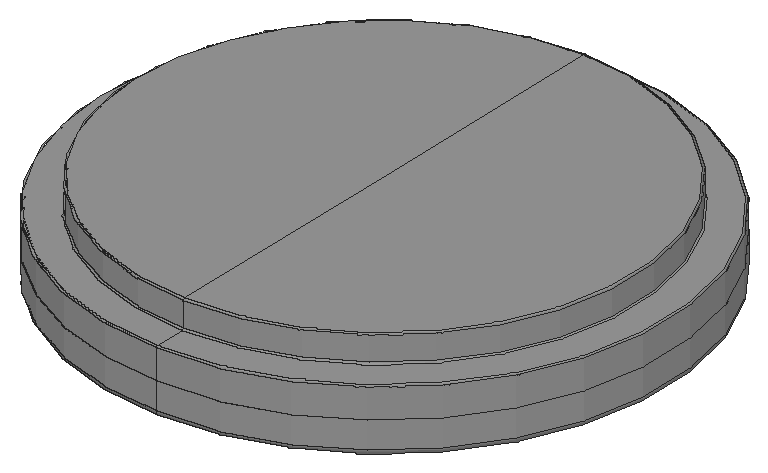
Revit family "FMS1_63_UN_Surface-mounted_ETK", category Lighting Fixtures, Revit 2019
Family settings
  Round Connector Dimension = Use Diameter
  Part Type = Normal
  OmniClass Number = 23.80.70.11.14.11
  OmniClass Title = Downlights
  Work Plane-Based = No
  Always vertical = Yes
  Cut with Voids When Loaded = No
  Light Source = No
  Shared = No
  Room Calculation Point = Yes
Parameters (values of type "FMS.1110.10 - Ø270 / 18W / 1120lm / 4000K")
  Wattage Comments = "18W"
  Wall mounted [instance] = no
  Voltage = 230 V
  URL = "https://www.etk.nl"
  Type Comments = "IP20"
  Symbol_Waterproof [instance] = no
  Symbol_Emergency Lighting [instance] = no
  Switch Code [instance] = ""
  Radius = Diameter / 2  # 135 mm
  Model = "FMK.1"
  Manufacturer = "ETK licht B.V."
  Luminaire_Body_Material = PPS Plastic
  Luminaire Code [instance] = ""
  Light Source = FMS.1 - Lightsource : FMS.1110.10 - Ø270 / 18W / 1120lm / 4000K
  Lamp = "LED"
  IfcExportType = "USERDEFINED"
  IfcExportAs = "IfcLightFixtureType"
  Distance Symbol [instance] = if(Wall mounted, 170.5 mm, 0 mm)  # 0 mm
  Distance Luminaire Wall [instance] = if([43mm Height], -48 mm, -68 mm)  # -48 mm
  Distance Luminaire [instance] = if([43mm Height], -43 mm, -63 mm)  # -43 mm
  Diameter = 270 mm
  Description = "Surface Mounted"
  Copyright © IVLighting = "www.ivlighting.nl"
  Ceiling mounted [instance] = not(Wall mounted)  # yes
  Bundle = "110°"
  Assembly Code = "63.0"
  Apparent Load = 18 VA
  63mm Height = not([43mm Height])  # no
  43mm Height = yes
Reference planes
  plane 1 "Center (Front/Back)": y = 0
  plane 2: z = 0
  plane 3 "Center (Left/Right)": x = 0
Dimensions and locks
  "Distance Symbol": plane 3 "Center (Left/Right)" to nested 1
  aligned and locked: level to plane 2
Nested families
  nested 1: "WIL.3 Light_Symbol_IVL" at (0, 0, 0), type "Lighting Fixture Round - Emergency Lighting"
  nested 2: "FMS1 Geometry" at (42.989, 0, -0.011) x (0, 0, 1) z (-1, 0, 0), visible <- "Wall mounted", built-in parameter 1001364 <- "Distance Luminaire Wall", type "FMS1 Geometry"
  nested 3: "FMS1 Geometry" at (0, 0, -43) x (0, -1, 0) z (0, 0, 1), visible <- "Ceiling mounted", built-in parameter 1001364 <- "Distance Luminaire", type "FMS1 Geometry"
  nested 4: "FMS.1 - Lightsource" at (43, -3.799, 2.924) x (0, 0, -1) z (-1, 0, 0), visible <- "Wall mounted", built-in parameter 1001364 <- "Distance Luminaire", type "FMS.1413.10 - Ø400 / 38W / 2800lm / 4000K"
  nested 5: "FMS.1 - Lightsource" at (0, -0.95, -43), visible <- "Ceiling mounted", built-in parameter 1001364 <- "Distance Luminaire", type "FMS.1413.10 - Ø400 / 38W / 2800lm / 4000K"
Connectors
  electrical at (0, 0, 0), driven by "Apparent Load"
    settings: index 1, voltage 0 V, apparent load 0 VA, apparent load phase1 18 VA, apparent load phase2 0 VA, apparent load phase3 0 VA, power factor 1, load classification "Other", number of poles 1, system type 31, power factor state 1, is connector primary yes, connector utility no, sub classification motor no, connector description ""
Definition of nested family "FMS1 Geometry"
  Parameters (values of type "FMS1 Geometry")
    URL = "https://www.etk.nl/"
    Type Comments = "IP20"
    Symbol_Waterproof [instance] = no
    Symbol_Emergency Lighting [instance] = no
    Radius = Diameter / 2  # 135 mm
    Model = "FMS.1"
    Manufacturer = "ETK licht B.V."
    Luminaire_Body_Material = none
    Diameter = 270 mm
    Description = "Surface Mounted"
    Default Elevation = 1219.2 mm
    Copyright © IVLighting = "www.ivlighting.nl"
    Calc_Radius = Radius - 7.7 mm  # 127.3 mm
    Assembly Code = "63.0"
    63mm Height = not([43mm Height])  # no
    43mm Height = yes
  Reference planes
    plane 1 "Center (Front/Back)": y = 0
    plane 2: z = 0
    plane 3 "Center (Left/Right)": x = 0
  Forms (mm)
    Revolve 1, solid, visible <- "43mm Height"
      sketch origin (0, 0, 0) x (1, 0, 0) y (0, 0, 1)
        loop
          arc (-135, 2.5) -> (-134.268, 0.732) -> (-132.5, 0) r 2.5
          line (-132.5, 0) -> (0, 0) -> (0, 15.252) -> (-135, 15.252) -> (-135, 2.5)
        axis (0, 15.252) -> (0, 0)
      angle from 0 to 360
    Revolve 2, solid, material <- "Luminaire_Body_Material", visible <- "43mm Height"
      sketch origin (0, 0, 15.252) x (1, 0, 0) y (0, 0, 1)
        loop
          line (-135, 0) -> (0, 0) -> (0, 27.748) -> (-118, 27.748)
          arc (-118, 27.748) -> (-118.53, 27.528) -> (-118.75, 26.998) r 0.75
          line (-118.75, 26.998) -> (-118.75, 15.5)
          arc (-118.75, 15.5) -> (-118.97, 14.97) -> (-119.5, 14.75) r 0.75
          line (-119.5, 14.75) -> (-134.25, 14.75)
          arc (-134.25, 14.75) -> (-134.78, 14.531) -> (-135, 14) r 0.75
          line (-135, 14) -> (-135, 0)
        axis (0, 27.748) -> (0, 0)
      angle from 0 to 360
    Revolve 3, solid, visible <- "63mm Height"
      sketch origin (0, 0, 5.746) x (1, 0, 0) y (0, 0, 1)
        loop
          arc (-135, -3.248) -> (-134.268, -5.015) -> (-132.5, -5.748) r 2.5
          line (-132.5, -5.748) -> (0, -5.748) -> (0, 15.252) -> (-135, 15.252) -> (-135, -3.248)
        axis (0, 15.252) -> (0, -5.748)
      angle from 0 to 360
    Revolve 4, solid, material <- "Luminaire_Body_Material", visible <- "63mm Height"
      sketch origin (0, 0, 20.999) x (1, 0, 0) y (0, 0, 1)
        loop
          line (-135, 0) -> (0, 0) -> (0, 42.001) -> (-118, 42.001)
          arc (-118, 42.001) -> (-118.53, 41.781) -> (-118.75, 41.251) r 0.75
          line (-118.75, 41.251) -> (-118.75, 21.8)
          arc (-118.75, 21.8) -> (-118.984, 21.235) -> (-119.55, 21) r 0.8
          line (-119.55, 21) -> (-134.2, 21)
          arc (-134.2, 21) -> (-134.766, 20.766) -> (-135, 20.2) r 0.8
          line (-135, 20.2) -> (-135, 0)
        axis (0, 42.001) -> (0, 0)
      angle from 0 to 360
  Dimensions and locks
    "Radius": plane 3 "Center (Left/Right)" to Revolve 1 sketch curve
    locked: Revolve 2 sketch curve to Revolve 2 sketch curve at 16.25
    "Radius": Revolve 2 sketch curve to Revolve 2 sketch curve
    locked: Revolve 4 sketch curve to Revolve 4 sketch curve at 16.25
    "Radius": Revolve 4 sketch curve to Revolve 4 sketch curve
    aligned and locked: level to plane 2
  Automatic sketch dimensions
    Revolve 3 sketch curve to plane 3 "Center (Left/Right)" = 0 mm  (x2)
    Revolve 3 sketch curve to plane 3 "Center (Left/Right)" = 132.5 mm
    Revolve 3 sketch curve to Revolve 3 sketch curve = 2.5 mm
    Revolve 3 sketch curve to Revolve 3 sketch curve = 21 mm
    Revolve 3 sketch curve to level = 360.298 mm
    Revolve 3 sketch curve to Revolve 3 sketch curve = 2199.063 mm
    Revolve 3 sketch curve to level = 0.001 mm
    Revolve 1 sketch curve to level = 0 mm
    Revolve 1 sketch curve to plane 3 "Center (Left/Right)" = 0 mm  (x2)
    level to Revolve 1 sketch curve = 2.5 mm
    level to Revolve 1 sketch curve = 15.252 mm
    Revolve 1 sketch curve to level = 366.045 mm
    Revolve 1 sketch curve to Revolve 1 sketch curve = 2199.063 mm
    Revolve 2 sketch curve to plane 3 "Center (Left/Right)" = 0 mm  (x2)
    Revolve 2 sketch curve to Revolve 2 sketch curve = 0.75 mm  (x3)
    level to Revolve 2 sketch curve = 15.252 mm
    Revolve 2 sketch curve to Revolve 2 sketch curve = 14 mm
    Revolve 2 sketch curve to Revolve 2 sketch curve = 11.497 mm
    Revolve 2 sketch curve to level = 350.792 mm
    Revolve 2 sketch curve to Revolve 2 sketch curve = 2186.567 mm
    Revolve 4 sketch curve to plane 3 "Center (Left/Right)" = 0 mm  (x2)
    Revolve 4 sketch curve to Revolve 4 sketch curve = 0.8 mm  (x2)
    Revolve 4 sketch curve to Revolve 4 sketch curve = 0.75 mm
    level to Revolve 4 sketch curve = 20.999 mm
    Revolve 4 sketch curve to Revolve 4 sketch curve = 20.2 mm
    Revolve 4 sketch curve to Revolve 4 sketch curve = 19.45 mm
    Revolve 4 sketch curve to level = 345.046 mm
    Revolve 4 sketch curve to Revolve 4 sketch curve = 2174.067 mm
Definition of nested family "WIL.3 Light_Symbol_IVL"
  Parameters (values of type "Lighting Fixture - Round")
    Waterproof = no
    Wall mounted = no
    Lighting Fixture = yes
    Emergency Lighting = no
  Types (3, lengths in mm): name | Waterproof | Emergency Lighting
    Lighting Fixture - Round | no | no
    Lighting Fixture Round - Emergency Lighting | no | yes
    Lighting Fixture Round - Waterproof | yes | no
  Reference planes
    plane 1: y = 0
    plane 2: x = 0
  Lines and regions (mm)
    Filled region 1, type "Emergency Lighting", visible <- "Waterproof"
      outline origin (5.15, 1.04, 0) x (1, 0, 0) y (0, 1, 0)
        loop
          arc (-6.051, -1.34) -> (-5.15, -1.99) -> (-4.249, -1.34) r 0.95
          line (-4.249, -1.34) -> (-6.051, -1.34)
    Filled region 2, type "Emergency Lighting", visible <- "Emergency Lighting"
      outline origin (-5.15, 1.04, 0) x (0, 1, 0) y (-1, 0, 0)
        loop
          line (-1.04, -5.15) -> (-1.712, -5.822)
          arc (-1.712, -5.822) -> (-1.04, -6.1) -> (-0.369, -5.822) r 0.95
          line (-0.369, -5.822) -> (-1.04, -5.15)
    Filled region 3, type "Emergency Lighting", visible <- "Emergency Lighting"
      outline origin (5.15, 1.04, 0) x (1, 0, 0) y (0, 1, 0)
        loop
          line (-5.15, -1.04) -> (-5.822, -0.369)
          arc (-5.822, -0.369) -> (-6.1, -1.04) -> (-5.822, -1.712) r 0.95
          line (-5.822, -1.712) -> (-5.15, -1.04)
    detail lines, visible <- "Lighting Fixture"
      curve 1: circle (0, 0, 0) r 0.95 normal (0, 0, 1)
    detail lines, visible <- "Waterproof"
      curve 2: circle (0, 0, 0) r 0.95 normal (0, 0, 1)
    detail lines, visible <- "Emergency Lighting"
      curve 3: circle (0, 0, 0) r 0.95 normal (0, 0, 1)
    detail lines, visible <- "Wall mounted"
      curve 4: line (-0.95, 0, 0) -> (-1.705, 0, 0)
      curve 5: line (-1.705, 0.391, 0) -> (-1.705, -0.391, 0)
Definition of nested family "FMS.1 - Lightsource"
  Parameters (values of type "FMS.1110.10 - Ø270 / 18W / 1120lm / 4000K")
    Wattage Comments = "18W"
    Wattage = 7.53996 W
    built-in parameter 1150110 = 1 (stored number, unit not read)
    URL = "https://www.etk.nl"
    built-in parameter 1114217 = 1 (stored number, unit not read)
    Tilt Angle = 90.00°
    built-in parameter 1150109 = 1 (stored number, unit not read)
    built-in parameter 1150134 = 12
    built-in parameter 1150113 = 1 (stored number, unit not read)
    Photometric Web File = "FMK.1109.10.ies"
    built-in parameter 1150142 = "IESNA:LM-63-2002\r\n[TEST] /2015\r\n[TESTLAB] ies2eulumdat.appspot.com\r\n[ISSUEDATE] 2021-06-16T09:00:21.829\r\n[MANUFAC] www.etk.nl\r\n[LUMCAT] FMK.1109.10\r\n[LUMINAIRE] FMK.1 LED 12W 3000/4000/5700K ø250 niet dimbaar\r\n[LAMPCAT] LED\r\n[LAMP] LED\r\nTILT=NONE\r\n1\t1150\t1\t46\t180\t1\t2\t-0.250\t-0.250\t0\r\n1.0\t1.0\t11.80\r\n0\t 2\t 4\t 6\t 8\t 10\t 12\t 14\t 16\t 18\r\n20\t 22\t 24\t 26\t 28\t 30\t 32\t 34\t 36\t 38\r\n40\t 42\t 44\t 46\t 48\t 50\t 52\t 54\t 56\t 58\r\n60\t 62\t 64\t 66\t 68\t 70\t 72\t 74\t 76\t 78\r\n80\t 82\t 84\t 86\t 88\t 90\r\n0\t 2\t 4\t 6\t 8\t 10\t 12\t 14\t 16\t 18\r\n20\t 22\t 24\t 26\t 28\t 30\t 32\t 34\t 36\t 38\r\n40\t 42\t 44\t 46\t 48\t 50\t 52\t 54\t 56\t 58\r\n60\t 62\t 64\t 66\t 68\t 70\t 72\t 74\t 76\t 78\r\n80\t 82\t 84\t 86\t 88\t 90\t 92\t 94\t 96\t 98\r\n100\t 102\t 104\t 106\t 108\t 110\t 112\t 114\t 116\t 118\r\n120\t 122\t 124\t 126\t 128\t 130\t 132\t 134\t 136\t 138\r\n140\t 142\t 144\t 146\t 148\t 150\t 152\t 154\t 156\t 158\r\n160\t 162\t 164\t 166\t 168\t 170\t 172\t 174\t 176\t 178\r\n180\t 182\t 184\t 186\t 188\t 190\t 192\t 194\t 196\t 198\r\n200\t 202\t 204\t 206\t 208\t 210\t 212\t 214\t 216\t 218\r\n220\t 222\t 224\t 226\t 228\t 230\t 232\t 234\t 236\t 238\r\n240\t 242\t 244\t 246\t 248\t 250\t 252\t 254\t 256\t 258\r\n260\t 262\t 264\t 266\t 268\t 270\t 272\t 274\t 276\t 278\r\n280\t 282\t 284\t 286\t 288\t 290\t 292\t 294\t 296\t 298\r\n300\t 302\t 304\t 306\t 308\t 310\t 312\t 314\t 316\t 318\r\n320\t 322\t 324\t 326\t 328\t 330\t 332\t 334\t 336\t 338\r\n340\t 342\t 344\t 346\t 348\t 350\t 352\t 354\t 356\t 358\r\n\r\n405.3384\t404.7765\t404.2265\t402.9975\t401.1013\t399.2051\t395.3191\t391.4331\t387.5471\t383.661\r\n379.7751\t373.4779\t367.169\t360.8717\t354.5746\t348.2657\t339.7094\t331.1415\t322.5852\t314.029\r\n305.461\t294.8096\t284.1582\t273.5069\t262.8555\t252.2041\t239.7267\t227.261\t214.7837\t202.3181\r\n189.8525\t177.3751\t164.9094\t152.432\t139.9664\t127.4891\t0\t0\t0\t0\r\n0\t0\t0\t0\t0\t0\r\n405.3384\t404.7925\t404.2577\t403.0448\t401.1686\t399.2994\t395.4335\t391.5606\t387.7102\t383.8203\r\n379.9334\t373.6444\t367.3443\t361.0453\t354.7325\t348.4388\t339.8983\t331.3616\t322.8117\t314.2627\r\n305.722\t295.0872\t284.4404\t273.8022\t263.1576\t252.5163\t240.0548\t227.5873\t215.131\t202.664\r\n190.1945\t177.7378\t165.2697\t152.8012\t140.3312\t128.1946\t0.3296\t0\t0\t0\r\n0\t0\t0\t0\t0\t0\r\n405.3384\t404.8094\t404.2892\t403.0935\t401.2796\t399.4809\t395.6213\t391.7396\t387.8385\t383.9437\r\n380.072\t373.802\t367.5085\t361.2065\t354.9129\t348.6531\t340.137\t331.5961\t323.0451\t314.5012\r\n305.9895\t295.3818\t284.734\t274.0862\t263.4264\t252.8071\t240.376\t227.9231\t215.4572\t202.995\r\n190.53\t178.0631\t165.6056\t153.1389\t140.6717\t129.4859\t1.3419\t0\t0\t0\r\n0\t0\t0\t0\t0\t0\r\n405.3384\t404.8271\t404.3209\t403.1488\t401.3532\t399.5783\t395.7291\t391.8382\t387.9181\t384.0265\r\n380.1901\t373.9544\t367.6616\t361.3486\t355.0482\t348.8012\t340.3437\t331.8018\t323.2501\t314.6929\r\n306.2129\t295.662\t285.012\t274.3604\t263.7094\t253.1247\t240.74\t228.2758\t215.8122\t203.3491\r\n190.8749\t178.4127\t165.9503\t153.4898\t141.027\t131.3458\t3.1025\t0\t0\t0\r\n0\t0\t0\t0\t0\t0\r\n405.3384\t404.8458\t404.3591\t403.1978\t401.4167\t399.6486\t395.7816\t391.8937\t388.0038\t384.1068\r\n380.2987\t374.1143\t367.817\t361.5156\t355.2003\t348.9967\t340.5979\t332.043\t323.4957\t314.942\r\n306.4955\t295.9896\t285.3021\t274.6328\t263.9659\t253.4202\t241.0823\t228.6129\t216.1591\t203.6915\r\n191.2234\t178.7558\t166.3001\t153.8352\t141.371\t133.6544\t5.718\t0\t0\t0\r\n0\t0\t0\t0\t0\t0\r\n405.3384\t404.8652\t404.3908\t403.2459\t401.4706\t399.6646\t395.8675\t391.9843\t388.0857\t384.1821\r\n380.4316\t374.3456\t368.0256\t361.7021\t355.3697\t349.2\t340.8799\t332.2872\t323.6935\t315.0968\r\n306.6804\t296.3012\t285.6181\t274.9391\t264.248\t253.707\t241.4578\t228.9766\t216.4988\t204.0245\r\n191.5571\t179.0864\t166.6186\t154.1544\t141.6922\t136.24\t9.3369\t0\t0\t0\r\n0\t0\t0\t0\t0\t0\r\n405.3384\t404.8854\t404.4219\t403.2933\t401.5055\t399.7186\t395.9651\t392.0842\t388.1903\t384.3067\r\n380.5784\t374.5562\t368.2162\t361.8639\t355.4958\t349.3364\t341.1183\t332.5123\t323.9013\t315.2964\r\n306.9063\t296.6299\t285.9122\t275.1976\t264.4831\t253.9575\t241.8218\t229.3201\t216.8328\t204.3396\r\n191.8483\t179.3695\t166.8926\t154.4222\t141.9565\t138.8551\t14.1501\t0\t0\t0\r\n0\t0\t0\t0\t0\t0\r\n405.3384\t404.9066\t404.4521\t403.3398\t401.5506\t399.7766\t396.0731\t392.2029\t388.3231\t384.3922\r\n380.6589\t374.7488\t368.3792\t361.9898\t355.5837\t349.4181\t341.3685\t332.7528\t324.1099\t315.4532\r\n307.0598\t296.9581\t286.2249\t275.4731\t264.7159\t254.1799\t242.1928\t229.6762\t217.1659\t204.6692\r\n192.1717\t179.6758\t167.1817\t154.6978\t142.2295\t141.3105\t20.401\t0\t0\t0\r\n0\t0\t0\t0\t0\t0\r\n405.3384\t404.9688\t404.4817\t403.3908\t401.5946\t399.8358\t396.2032\t392.3475\t388.4203\t384.4425\r\n380.7195\t374.9437\t368.5473\t362.1238\t355.6851\t349.5134\t341.9282\t332.9785\t324.3069\t315.6402\r\n306.9436\t297.5694\t286.5262\t275.7395\t264.9593\t254.1623\t242.7912\t230.0358\t217.5005\t204.986\r\n192.4711\t179.9636\t167.4644\t154.9748\t142.4941\t143.2492\t28.3764\t0\t0\t0\r\n0\t0\t0\t0\t0\t0\r\n405.3384\t404.9901\t404.5102\t403.434\t401.6375\t399.8986\t396.3675\t392.4653\t388.4946\t384.4886\r\n380.7515\t375.1532\t368.7296\t362.2829\t355.7949\t349.2691\t342.1908\t333.257\t324.528\t315.7751\r\n307.0363\t297.9246\t286.8722\t276.0236\t265.1733\t254.3419\t243.18\t230.433\t217.8766\t205.3224\r\n192.7845\t180.2462\t167.7206\t155.2142\t142.724\t144.3059\t38.4235\t0\t0\t0\r\n0\t0\t0\t0\t0\t0\r\n405.3384\t405.0108\t404.5376\t403.4745\t401.6757\t399.9613\t396.5103\t392.5677\t388.5717\t384.5293\r\n380.4421\t375.6788\t368.9428\t362.4278\t355.8852\t349.3419\t342.4468\t333.4846\t324.7196\t315.9401\r\n307.1422\t298.1755\t287.1691\t276.2852\t265.4162\t254.5351\t243.54\t230.8321\t218.2158\t205.6051\r\n193.0422\t180.5018\t167.9628\t155.4439\t142.9509\t130.4715\t80.1717\t0\t0\t0\r\n0\t0\t0\t0\t0\t0\r\n405.3384\t405.0308\t404.5638\t403.5122\t401.7197\t400.0344\t396.6479\t392.675\t388.642\t384.5539\r\n380.446\t375.8849\t369.1475\t362.5941\t356.0076\t349.3402\t342.606\t333.7678\t324.9507\t316.0958\r\n307.1888\t298.3823\t287.5427\t276.5987\t265.6547\t254.6769\t243.7733\t231.1892\t218.5583\t205.9536\r\n193.3574\t180.7795\t168.2176\t155.6732\t143.1664\t130.6811\t92.6587\t0\t0\t0\r\n0\t0\t0\t0\t0\t0\r\n405.3384\t405.0504\t404.5956\t403.547\t401.7653\t400.0733\t397.0342\t392.7846\t388.7175\t384.6009\r\n380.4658\t376.0643\t369.3866\t362.7735\t356.0799\t349.3699\t342.7566\t334.0832\t325.1628\t316.2179\r\n307.2752\t298.5357\t287.9146\t276.8913\t265.8705\t254.8646\t244.0337\t231.6235\t218.9315\t206.265\r\n193.6356\t181.0339\t168.4572\t155.9156\t143.3861\t130.8825\t104.473\t0\t0\t0\r\n0\t0\t0\t0\t0\t0\r\n405.3384\t405.0692\t404.6173\t403.5726\t401.812\t400.0922\t397.1653\t392.8976\t388.795\t384.6787\r\n380.4567\t376.1942\t369.6246\t362.9226\t356.2055\t349.4272\t342.8367\t334.3769\t325.3805\t316.3703\r\n307.3625\t298.3377\t288.5546\t277.2123\t266.1258\t255.0391\t244.1559\t232.0335\t219.3073\t206.6258\r\n193.9576\t181.3129\t168.7045\t156.1324\t143.5875\t131.0872\t115.0185\t0\t0\t0\r\n0\t0\t0\t0\t0\t0\r\n405.3384\t405.0876\t404.6362\t403.6022\t401.8688\t399.828\t397.2783\t392.9976\t388.9023\t384.7385\r\n380.4432\t376.2623\t369.8607\t363.1303\t356.3361\t349.4819\t342.5273\t334.9205\t325.6274\t316.563\r\n307.4647\t298.325\t288.8953\t277.552\t266.3836\t255.2249\t244.066\t232.6598\t219.71\t206.9637\r\n194.2635\t181.5828\t168.9417\t156.3369\t143.7678\t131.2452\t123.6219\t0\t0\t0\r\n0\t0\t0\t0\t0\t0\r\n405.3384\t405.1054\t404.6527\t403.6299\t401.9954\t399.8313\t397.3825\t393.1311\t389.0376\t384.7914\r\n380.4256\t376.2601\t370.1442\t363.3441\t356.5\t349.5195\t342.4467\t335.1645\t325.9313\t316.7695\r\n307.548\t298.3169\t289.1161\t277.9297\t266.651\t255.4032\t244.1853\t232.9715\t220.1319\t207.3312\r\n194.5444\t181.8166\t169.148\t156.5181\t143.9438\t131.4005\t129.5504\t10.7169\t0\t0\r\n0\t0\t0\t0\t0\t0\r\n405.3384\t405.1227\t404.6665\t403.6558\t402.0282\t399.8387\t397.4732\t393.2952\t389.1616\t384.8421\r\n380.4176\t375.9014\t370.721\t363.6037\t356.6569\t349.5494\t342.4061\t335.3294\t326.2421\t316.9739\r\n307.6665\t298.3454\t289.1781\t278.2878\t266.963\t255.6467\t244.3238\t233.1536\t220.5163\t207.6577\r\n194.8355\t182.0686\t169.3482\t156.6677\t144.0408\t131.4715\t131.8453\t25.923\t0\t0\r\n0\t0\t0\t0\t0\t0\r\n405.3384\t405.1396\t404.6776\t403.6776\t402.0538\t399.8619\t397.5341\t393.5083\t389.2881\t384.8846\r\n380.4261\t375.832\t370.9139\t363.9038\t356.8028\t349.6355\t342.4017\t335.332\t326.5796\t317.2212\r\n307.8198\t298.3417\t288.8594\t278.9905\t267.339\t255.8866\t244.4302\t233.0061\t221.1259\t208.0094\r\n195.1274\t182.2902\t169.5075\t156.7928\t144.1389\t131.538\t118.9821\t72.5747\t0\t0\r\n0\t0\t0\t0\t0\t0\r\n405.3384\t405.1559\t404.686\t403.7113\t402.0482\t399.882\t397.6063\t393.7003\t389.4083\t384.9648\r\n380.4586\t375.7543\t371.0891\t364.165\t357.0131\t349.7518\t342.4103\t334.9484\t327.1548\t317.4999\r\n307.9709\t298.3923\t288.8332\t279.2321\t267.7019\t256.1485\t244.593\t233.049\t221.4516\t208.379\r\n195.4187\t182.5259\t169.6952\t156.9157\t144.2105\t131.5685\t118.9925\t91.6472\t0\t0\r\n0\t0\t0\t0\t0\t0\r\n405.3384\t405.1718\t404.6918\t403.7304\t402.0748\t399.9057\t397.6713\t393.8957\t389.5114\t385.088\r\n380.4979\t375.7076\t371.0587\t364.4889\t357.2386\t349.9042\t342.4218\t334.8539\t327.2884\t317.8216\r\n308.1836\t298.5219\t288.784\t279.2695\t268.1369\t256.4569\t244.7869\t233.1079\t221.6219\t208.7797\r\n195.7476\t182.7712\t169.842\t157.0084\t144.2669\t131.5897\t118.9856\t106.3522\t0\t0\r\n0\t0\t0\t0\t0\t0\r\n405.3384\t405.1872\t404.677\t403.7455\t402.1069\t399.9332\t397.7438\t394.3242\t389.6719\t385.2237\r\n380.5442\t375.6807\t370.6129\t365.0631\t357.5309\t350.0674\t342.4859\t334.7817\t327.2448\t318.4473\r\n308.4635\t298.6371\t288.784\t278.8955\t268.7927\t256.8209\t244.9966\t233.2361\t221.4851\t209.3772\r\n196.0586\t182.9925\t170.014\t157.1221\t144.303\t131.5659\t118.922\t115.4507\t0.7529\t0\r\n0\t0\t0\t0\t0\t0\r\n405.3384\t405.2023\t404.5924\t403.7567\t402.1445\t399.9518\t397.5215\t394.4699\t389.8906\t385.382\r\n380.6063\t375.6074\t370.4961\t365.1827\t357.8531\t350.2794\t342.5728\t334.767\t326.8088\t318.7303\r\n308.7717\t298.8224\t288.8326\t278.8036\t268.8778\t257.2662\t245.3121\t233.3885\t221.4719\t209.6291\r\n196.4163\t183.2663\t170.1886\t157.217\t144.3317\t131.5459\t118.8227\t106.1876\t17.4697\t0\r\n0\t0\t0\t0\t0\t0\r\n405.3384\t405.217\t404.5944\t403.7643\t402.2164\t399.9969\t397.5215\t394.5348\t390.1198\t385.5481\r\n380.6842\t375.579\t370.3695\t365.1761\t358.5091\t350.5396\t342.7377\t334.7731\t326.7113\t318.7291\r\n309.1553\t299.0695\t288.9289\t278.7193\t268.5571\t257.9194\t245.6422\t233.5555\t221.5159\t209.6959\r\n196.8141\t183.564\t170.3986\t157.3153\t144.3298\t131.4311\t118.6433\t105.963\t65.2493\t0\r\n0\t0\t0\t0\t0\t0\r\n405.3384\t405.2314\t404.597\t403.7683\t402.259\t400.1387\t397.5142\t394.6254\t390.3718\t385.7346\r\n380.7618\t375.6336\t370.2359\t364.7113\t358.7633\t350.8369\t342.942\t334.8576\t326.6208\t318.2983\r\n309.7123\t299.3766\t289.0811\t278.7695\t268.3526\t258.0866\t246.0418\t233.822\t221.6258\t209.5032\r\n197.3492\t183.8918\t170.5912\t157.4067\t144.3357\t131.3476\t118.48\t105.7362\t86.9291\t0\r\n0\t0\t0\t0\t0\t0\r\n405.3384\t405.2454\t404.6007\t403.7691\t402.2969\t400.2013\t397.5194\t394.7022\t390.8756\t385.9297\r\n380.8283\t375.6809\t370.2029\t364.5257\t358.7975\t351.2443\t343.1931\t334.9798\t326.6184\t318.1094\r\n309.6994\t299.7814\t289.3562\t278.8261\t268.235\t257.6488\t246.725\t234.1375\t221.8235\t209.5282\r\n197.4412\t184.2693\t170.8692\t157.5318\t144.3183\t131.2485\t118.3192\t105.4985\t99.8452\t0\r\n0\t0\t0\t0\t0\t0\r\n405.3384\t405.2465\t404.6055\t403.7327\t402.33\t400.28\t397.5374\t394.7758\t391.1064\t386.1222\r\n380.9814\t375.6963\t370.1916\t364.3689\t358.3019\t351.8681\t343.551\t335.1761\t326.6651\t318.0094\r\n309.224\t300.3263\t289.676\t278.9673\t268.2109\t257.4449\t246.79\t234.5954\t222.0662\t209.6096\r\n197.2538\t184.796\t171.1111\t157.6776\t144.3725\t131.1929\t118.1378\t105.2239\t92.4606\t7.417\r\n0\t0\t0\t0\t0\t0\r\n405.3384\t405.26\t404.6117\t403.7331\t402.3583\t400.3318\t397.5727\t394.5667\t391.2865\t386.3445\r\n381.2477\t375.7985\t370.1959\t364.244\t358.0878\t351.9228\t343.9437\t335.4465\t326.8059\t317.9911\r\n309.0489\t300.2024\t290.2985\t279.2004\t268.2951\t257.2789\t246.344\t235.2056\t222.4167\t209.7955\r\n197.2042\t184.8605\t171.4948\t157.9091\t144.4487\t131.1247\t117.9609\t104.9565\t92.1149\t52.9313\r\n0\t0\t0\t0\t0\t0\r\n405.3384\t405.2736\t404.6193\t403.7351\t402.3811\t400.3748\t397.6302\t394.5872\t391.3781\t386.8119\r\n381.4951\t375.9993\t370.2514\t364.1293\t357.9116\t351.3889\t344.5079\t335.822\t327.0416\t318.0736\r\n308.9557\t299.6921\t290.3569\t279.5927\t268.421\t257.3226\t246.1\t234.903\t222.8814\t210.0311\r\n197.2958\t184.6475\t172.0079\t158.165\t144.5452\t131.0796\t117.7978\t104.7315\t91.8426\t76.8551\r\n0\t0\t0\t0\t0\t0\r\n405.3384\t405.2871\t404.6284\t403.7382\t402.383\t400.4092\t397.8019\t394.6157\t391.382\t386.9759\r\n381.7537\t376.2214\t370.3501\t364.1175\t357.7917\t351.1064\t344.4201\t336.5393\t327.3814\t318.2587\r\n308.9705\t299.4656\t289.8818\t280.0753\t268.8078\t257.4031\t245.984\t234.5829\t223.2864\t210.4452\r\n197.4796\t184.6232\t171.8738\t158.4916\t144.6856\t131.1101\t117.7175\t104.5034\t91.5471\t87.0893\r\n0\t0\t0\t0\t0\t0\r\n405.3384\t405.3008\t404.6392\t403.7418\t402.3989\t400.4352\t397.8747\t394.6614\t391.0674\t387.1128\r\n382.2229\t376.4632\t370.4832\t364.2203\t357.7251\t350.8963\t343.8101\t336.6669\t327.8215\t318.561\r\n309.1145\t299.4337\t289.6313\t279.6987\t269.4041\t257.6346\t246.0417\t234.3777\t222.7877\t211.0609\r\n197.8041\t184.6956\t171.7174\t158.9026\t144.9461\t131.1605\t117.657\t104.3263\t91.2411\t78.3968\r\n8.6356\t0\t0\t0\t0\t0\r\n405.3384\t405.3146\t404.6518\t403.7453\t402.4116\t400.4333\t397.9374\t394.7255\t391.0189\t387.2362\r\n382.4741\t376.7553\t370.621\t364.3583\t357.712\t350.7498\t343.5434\t336.0689\t328.3754\t318.9975\r\n309.3575\t299.5473\t289.484\t279.3984\t269.2587\t258.261\t246.2079\t234.3624\t222.4746\t210.6739\r\n198.3975\t184.9162\t171.7187\t158.643\t145.2545\t131.3415\t117.6016\t104.16\t90.981\t78.0548\r\n54.1337\t0\t0\t0\t0\t0\r\n405.3384\t405.4889\t404.6945\t403.6712\t402.4205\t400.4506\t397.9834\t394.8928\t390.9998\t386.973\r\n382.6577\t377.3141\t370.8707\t364.5641\t357.7877\t350.7046\t343.3801\t335.7208\t327.8525\t319.6767\r\n309.7968\t299.7787\t289.6134\t279.2245\t268.6962\t258.2578\t246.6038\t234.4814\t222.3847\t210.2821\r\n198.4381\t185.3347\t171.8446\t158.564\t145.4985\t131.5442\t117.6455\t104.0124\t90.7095\t77.7184\r\n71.0115\t0\t0\t0\t0\t0\r\n405.3384\t405.5009\t404.7104\t403.6809\t402.4254\t400.4644\t398.0198\t394.9896\t391.014\t386.9406\r\n382.6666\t377.537\t371.2201\t364.837\t357.9545\t350.7593\t343.2926\t335.5022\t327.46\t319.1538\r\n310.4783\t300.1684\t289.8497\t279.2431\t268.5397\t257.661\t246.8589\t234.8353\t222.4783\t210.092\r\n197.8192\t185.7046\t172.2109\t158.5712\t145.1721\t131.9025\t117.7262\t103.9048\t90.5045\t77.4349\r\n64.724\t0\t0\t0\t0\t0\r\n405.3384\t405.512\t404.7274\t403.6949\t402.4256\t400.4737\t398.0459\t395.0319\t391.1349\t386.9314\r\n382.368\t377.565\t371.7894\t365.1647\t358.2122\t350.925\t343.2805\t335.4297\t327.1908\t318.7224\r\n309.9642\t300.886\t290.2777\t279.5029\t268.5805\t257.4726\t246.2239\t235.0727\t222.7881\t210.1727\r\n197.5617\t185.0625\t172.6371\t158.8143\t145.0846\t131.6118\t117.8827\t103.9322\t90.3265\t77.1744\r\n64.48\t35.0653\t0\t0\t0\t0\r\n405.3384\t405.522\t404.7455\t403.7452\t402.4209\t400.4773\t398.0588\t395.0488\t391.1753\t387.0135\r\n382.3352\t377.2242\t371.9159\t365.7147\t358.5534\t351.2243\t343.4254\t335.4792\t327.0606\t318.4772\r\n309.4696\t300.3065\t290.8705\t280.0089\t268.8629\t257.5392\t246.0377\t234.4621\t222.8965\t210.6316\r\n197.5873\t184.7291\t171.9505\t159.2993\t145.2866\t131.4601\t118.0115\t103.9741\t90.2222\t76.9361\r\n64.1798\t56.618\t0\t0\t0\t0\r\n405.3384\t405.5308\t404.7649\t403.7651\t402.3395\t400.4737\t398.0593\t395.0424\t391.207\t387.0567\r\n382.3506\t377.1527\t371.6378\t365.821\t359.1154\t351.6039\t343.7387\t335.6237\t327.116\t318.3892\r\n309.185\t299.8538\t290.1589\t280.4669\t269.6277\t257.8645\t246.1541\t234.2897\t222.3665\t210.3175\r\n198.0481\t184.7232\t171.6272\t158.6683\t145.768\t131.577\t117.6798\t104.1455\t90.1031\t76.7097\r\n63.9092\t51.7004\t0\t0\t0\t0\r\n405.3384\t405.5388\t404.7856\t403.7878\t402.34\t400.4766\t398.0469\t395.016\t391.2276\t387.086\r\n382.4782\t377.1848\t371.6139\t365.5258\t359.2193\t352.1252\t344.383\t335.9209\t327.3527\t318.4608\r\n309.1505\t299.601\t289.7392\t279.6691\t269.2868\t258.5846\t246.5891\t234.456\t222.2595\t209.9698\r\n197.5743\t185.146\t171.655\t158.2647\t145.101\t132.0467\t117.7168\t103.7776\t90.1162\t76.5416\r\n63.6537\t51.4481\t11.4644\t0\t0\t0\r\n405.3384\t405.5455\t404.8079\t403.8136\t402.3469\t400.3632\t398.021\t394.9736\t391.2361\t387.0991\r\n382.4999\t377.3413\t371.7228\t365.4801\t358.9167\t352.0852\t344.7107\t336.4982\t327.7775\t318.7203\r\n309.3167\t299.5744\t289.5996\t279.3072\t268.7148\t257.8887\t247.047\t235.2639\t222.5436\t209.9771\r\n197.2699\t184.5597\t171.885\t158.2865\t144.6692\t131.337\t118.1829\t103.7905\t89.9666\t76.4265\r\n63.4089\t51.1676\t44.0861\t0\t0\t0\r\n405.3384\t405.5513\t404.9774\t403.8429\t402.3609\t400.3505\t397.8886\t394.8898\t391.2407\t387.0953\r\n382.4979\t377.3824\t371.7634\t365.5989\t358.905\t351.812\t344.4396\t336.63\t328.3847\t319.3177\r\n309.7407\t299.8087\t289.728\t279.2246\t268.459\t257.4328\t246.1417\t234.7065\t223.2024\t210.4254\r\n197.4644\t184.3923\t171.2764\t158.1367\t144.9817\t130.9885\t117.4819\t104.1949\t89.9202\t76.3115\r\n63.1698\t50.8615\t39.4911\t0\t0\t0\r\n405.3384\t405.5559\t404.9992\t403.8756\t402.382\t400.349\t397.8573\t394.7468\t391.2145\t387.0848\r\n382.4587\t377.3893\t371.7642\t365.6347\t359.0468\t351.9462\t344.3869\t336.3706\t328.1386\t319.4674\r\n310.3444\t300.4744\t290.1739\t279.4322\t268.5321\t257.3547\t245.836\t234.1207\t222.3374\t210.1954\r\n198.078\t184.7804\t171.3331\t157.8412\t144.3958\t131.1966\t117.2105\t103.4803\t90.2145\t76.2405\r\n62.9998\t50.5463\t39.207\t5.7837\t0\t0\r\n405.3384\t405.5595\t405.017\t403.9123\t402.4111\t400.3595\t397.8451\t
